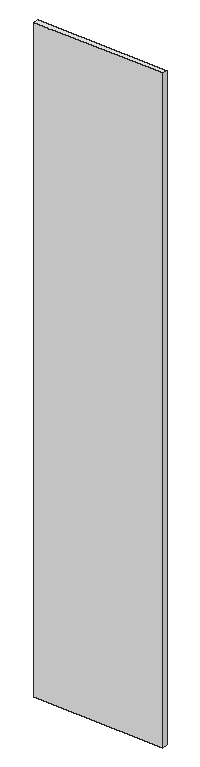
Revit family "175391416f444adc9f98a5d622c51093", category Doors, Revit 2021
Family settings
  Work Plane-Based = No
  Always vertical = Yes
  Cut with Voids When Loaded = No
  Shared = No
  Room Calculation Point = No
Parameters (values of type "3" x 14"")
  Width = 3"
  Material = Aluminum
  Height = 14"
  Handle Z Distance = 0"
  Handle X Distance = 3"
  Assembly Code = ""
  Analytic Construction = "<None>"
Reference planes (in)
  plane 1 "Center (Front/Back)": y = 0
  plane 2: z = 0
  plane 3 "Center (Left/Right)": x = 5.80709
  plane 4: z = 0
  plane 5 "Handle C/L": x = 8.80709
Forms (in)
  Extrusion 1, solid, material "Aluminum" <- "Material"
    sketch origin (11.81102, 0, 0) x (1, 0, 0) y (0, 0, -1)
      loop
        line (-4.50394, -7) -> (-1.50394, -7) -> (-1.50394, 7) -> (-4.50394, 7) -> (-4.50394, -7)
    from 0 to 0.125
Dimensions and locks (in)
  "Handle Z Distance": plane 4 to level
  "Width": Extrusion 1 sketch curve to Extrusion 1 sketch curve
  equal spacing: Extrusion 1 sketch curve, plane 4, Extrusion 1 sketch curve
  "Handle X Distance": plane 5 "Handle C/L" to plane 3 "Center (Left/Right)"
  equal spacing: Extrusion 1 sketch curve, plane 5 "Handle C/L", Extrusion 1 sketch curve
  "Height": Extrusion 1 sketch curve to Extrusion 1 sketch curve
